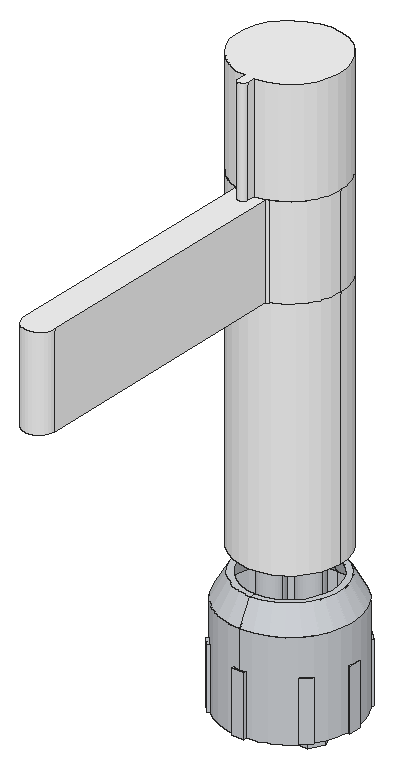
Revit family "Reece_Tap_Milli_Axon_Basin Mixer", category Plumbing Fixtures, host Face, Revit 2018
Family settings
  Host = Face
  Round Connector Dimension = Use Diameter
  Part Type = Normal
  Cut with Voids When Loaded = No
  Shared = Yes
  Room Calculation Point = Yes
Parameters
  WFU = 0  # constant formula
  URL = "https://www.reece.com.au/product/-2252061"
  Type Comments = "Tap"
  Reece_Tap_Reach = 120 mm  # constant formula
  Reece_Tap_Inlet = 12 mm  # constant formula
  Reece_Tap_Clearance = 100 mm  # constant formula
  Reece_Product_Web Page = "https://www.reece.com.au/product/-2252061"
  Reece_Product_Type = "Tap"  # constant formula
  Reece_Product_Sub Brand = "Axon"  # constant formula
  Reece_Product_Number = "2252061"
  Reece_Product_Mount = "Hob Mounted"
  Reece_Product_Description = "Milli Axon Basin Mixer Tap Chrome (6 Star)"
  Reece_Product_Brand = "Milli"  # constant formula
  Reece_Overall_Projection = 156 mm  # constant formula
  Reece_Overall_Height = 181 mm  # constant formula
  Reece_Material_Secondary = Reece_Brass_Chrome
  Reece_Material-Main = Reece_Brass_Chrome
  Reece_Detail_Installation = ""
  Reece_Detail_Disclaimer = "THIS FILE IS THE PROPERTY OF THE REECE GROUP. IT MAY NOT BE REPRODUCED, REVERSE-ENGINEERED OR MODIFIED. ANY REPUBLICATION, TRANSMISSION OR DISTRIBUTION FOR THE PURPOSE OF COMMERCIALLY EXPLOITING THE FILES IS PROHIBITED."  # constant formula
  Reece_Detail_Connector = ""
  Reece_Detail_Additional = ""
  Model = "Axon"
  Matte Black_Chrome = no
  Manufacturer = "Milli"
  Keynote = "Product #2252061, Reece_Tap_Milli_Axon_Basin Mixer -  "
  HWFU = 0  # constant formula
  Disclaimer = "THIS FILE IS THE PROPERTY OF THE REECE GROUP. IT MAY NOT BE REPRODUCED, REVERSE-ENGINEERED OR MODIFIED. ANY REPUBLICATION, TRANSMISSION OR DISTRIBUTION FOR THE PURPOSE OF COMMERCIALLY EXPLOITING THE FILES IS PROHIBITED."  # constant formula
  Description = "Milli Axon Basin Mixer Tap Chrome (6 Star)"
  Default Elevation = 1000 mm
  Chrome = not(Matte Black_Chrome)  # yes
  CWFU = 0  # constant formula
Types (3, lengths in mm): name | URL | Reece_Product_Web Page | Reece_Product_Number | Reece_Product_Description | Reece_Material_Secondary | Reece_Detail_Additional | Matte Black_Chrome | Keynote | Description | Chrome
  (no name) | "https://www.reece.com.au/product/-2252061" | "https://www.reece.com.au/product/-2252061" | "2252061" | "Milli Axon Basin Mixer Tap Chrome (6 Star)" | Reece_Brass_Chrome | "" | no | "Product #2252061, Reece_Tap_Milli_Axon_Basin Mixer -  " | "Milli Axon Basin Mixer Tap Chrome (6 Star)" | yes
  Chrome | "https://www.reece.com.au/product/-2252061" | "https://www.reece.com.au/product/-2252061" | "2252061" | "Milli Axon Basin Mixer Tap Chrome (6 Star)" | Reece_Brass_Chrome | "" | no | "Product #2252061, Reece_Tap_Milli_Axon_Basin Mixer - Chrome" | "Milli Axon Basin Mixer Tap Chrome (6 Star)" | yes
  Matte Black_Chrome | "https://www.reece.com.au/product/-2252062" | "https://www.reece.com.au/product/-2252062" | "2252062" | "Milli Axon Basin Mixer Tap Black Outlet Chrome / Matte Black (6 Star)" | Reece_Brass_Matte Black | "Black Outlet" | yes | "Product #2252062, Reece_Tap_Milli_Axon_Basin Mixer - Matte Black_Chrome" | "Milli Axon Basin Mixer Tap Black Outlet Chrome / Matte Black (6 Star)" | no
Reference planes
  plane 1 "Center (Front/Back)": y = 0
  plane 2 "Bottom": z = 0
  plane 3 "Center (Left/Right)": x = 0
  plane 4: z = 181
  plane 5: z = 137.777
  plane 6: z = 100
  plane 7: y = -135
  plane 8: y = -135
  plane 9: y = -26
  plane 10: y = -20.905
  plane 11: y = 21
  plane 12: y = -120
  plane 13: x = -21
  plane 14: x = 21
Forms (mm)
  Extrusion 1, solid, material "Reece_Brass_Chrome" <- "Reece_Material-Main"
    sketch origin (0, 0, 0) x (1, 0, 0) y (0, 1, 0)
      loop
        circle (0, 0) r 21
    from 0 to 100
  Extrusion 2, solid, material "Reece_Brass_Chrome" <- "Reece_Material_Secondary"
    sketch origin (0, 0, 0) x (1, 0, 0) y (0, 1, 0)
      loop
        circle (0, 0) r 21
    from 137.777 to 100
  Extrusion 3, solid, material "Reece_Brass_Chrome" <- "Reece_Material_Secondary"
    sketch origin (0, 0, 0) x (1, 0, 0) y (0, 1, 0)
      loop
        arc (-6.311, -128.684) -> (0.023, -135.018) -> (6.357, -128.684) r 6.334
        line (6.357, -128.684) -> (6.357, -20.734)
        arc (6.357, -20.734) -> (6.54, -20.157) -> (7.022, -19.791) r 1
        arc (7.022, -19.791) -> (0.023, -21) -> (-6.979, -19.806) r 21
        arc (-6.979, -19.806) -> (-6.495, -20.172) -> (-6.311, -20.75) r 1
        line (-6.311, -20.75) -> (-6.311, -128.684)
    from 100 to 137.777
  Sweep 4, solid, material "Reece_Brass_Chrome" <- "Reece_Material_Secondary"
    path origin (0, 0.412, 102.239) x (1, 0, 0) y (0, 1, 0)
      loop
        arc (-4, -126.492) -> (0, -130.492) -> (4, -126.492) r 4
        line (4, -126.492) -> (4, -107.249)
        arc (4, -107.249) -> (0, -103.249) -> (-4, -107.249) r 4
        line (-4, -107.249) -> (-4, -126.492)
    profile origin (0, -130.08, 102.239) x (0, 1, 0) y (0, 0, 1)
      loop
        line (0, 0) -> (0, -2.628) -> (1.162, -2.628) -> (1.162, 0) -> (0, 0)
  Extrusion 5, solid, material "Reece_Brass_Chrome" <- "Reece_Material_Secondary"
    sketch origin (0, 0, 0) x (1, 0, 0) y (0, 1, 0)
      loop
        arc (-2, -125.271) -> (0, -127.271) -> (2, -125.271) r 2
        line (2, -125.271) -> (2, -113.387)
        arc (2, -113.387) -> (0, -111.387) -> (-2, -113.387) r 2
        line (-2, -113.387) -> (-2, -125.271)
      loop
        circle (0, -107.49) r 1.8
    from 99.61 to 106.674
  Extrusion 6, void
    sketch origin (0, 0, 0) x (1, 0, 0) y (0, 1, 0)
      loop
        circle (0, 0) r 15
    from -41.992 to 21.904
  Extrusion 7, solid
    sketch origin (0, 0, 0) x (1, 0, 0) y (0, 1, 0)
      loop
        circle (-7.802, 0.037) r 5
      loop
        circle (8.558, 0.037) r 5
    from -64.353 to 0
  Extrusion 8, solid
    sketch origin (0, 0, 0) x (1, 0, 0) y (0, 1, 0)
      loop
        line (-1.615, 0.044) -> (-4.783, 5.532) -> (-11.12, 5.532) -> (-14.288, 0.044) -> (-11.12, -5.443) -> (-4.783, -5.443) -> (-1.615, 0.044)
      loop
        line (14.759, 0.044) -> (11.591, 5.532) -> (5.255, 5.532) -> (2.087, 0.044) -> (5.255, -5.443) -> (11.591, -5.443) -> (14.759, 0.044)
    from -68.948 to -61.449
  Revolve 9, solid
    sketch origin (0, 0, 0) x (0, 1, 0) y (0, 0, 1)
      loop
        line (-24, -59.419) -> (-24, -20.536) -> (-18.18, -10.455) -> (-20.489, -10.455) -> (-26, -20) -> (-26, -59.419) -> (-24, -59.419)
      axis (0, -10.455) -> (0, -59.419)
    angle from 0 to 360
  Extrusion 10, solid
    sketch origin (2.399, -51.324, 0) x (-0.00336, -0.999994, 0) y (0.999994, -0.00336, 0)
      loop
        line (-26.24, 0) -> (-26.24, -5) -> (-24.422, -5) -> (-24.422, 0) -> (-26.24, 0)
      loop
        line (-36.067, 19.582) -> (-37.348, 18.292) -> (-33.8, 14.769) -> (-32.519, 16.058) -> (-36.067, 19.582)
      loop
        line (-53.905, 24.154) -> (-53.899, 22.336) -> (-48.899, 22.353) -> (-48.905, 24.17) -> (-53.905, 24.154)
      loop
        line (-71.165, 15.261) -> (-69.876, 13.98) -> (-66.352, 17.527) -> (-67.642, 18.808) -> (-71.165, 15.261)
      loop
        line (-78.216, -5.161) -> (-76.398, -5.155) -> (-76.415, -0.155) -> (-78.233, -0.161) -> (-78.216, -5.161)
      loop
        line (-68.647, -22.917) -> (-67.367, -21.628) -> (-70.914, -18.104) -> (-72.195, -19.394) -> (-68.647, -22.917)
      loop
        line (-48.725, -29.472) -> (-48.731, -27.655) -> (-53.731, -27.671) -> (-53.725, -29.489) -> (-48.725, -29.472)
      loop
        line (-31.279, -20.547) -> (-32.568, -19.266) -> (-36.092, -22.814) -> (-34.802, -24.095) -> (-31.279, -20.547)
    from -59.419 to -35
  Extrusion 11, solid, material "Reece_Brass_Chrome" <- "Reece_Material_Secondary", visible <- "Matte Black_Chrome"
    sketch origin (0, 0, 181) x (-1, 0, 0) y (0, -1, 0)
      loop
        arc (2, 24) -> (0, 26) -> (-2, 24) r 2
        line (-2, 24) -> (-2, 17.809)
        arc (-2, 17.809) -> (0, 15.809) -> (2, 17.809) r 2
        line (2, 17.809) -> (2, 24)
    from 0 to -43.223
  Extrusion 12, solid, material "Reece_Brass_Chrome" <- "Reece_Material-Main", visible <- "Matte Black_Chrome"
    sketch origin (0, 0, 0) x (-1, 0, 0) y (0, -1, 0)
      loop
        arc (-2, 20.905) -> (0, -21) -> (2, 20.905) r 21
        line (2, 20.905) -> (2, 17.809)
        arc (2, 17.809) -> (0, 15.809) -> (-2, 17.809) r 2
        line (-2, 17.809) -> (-2, 20.905)
    from 137.777 to 181
  Extrusion 13, solid, material "Reece_Brass_Chrome" <- "Reece_Material-Main", visible <- "Matte Black_Chrome"
    sketch origin (0, 0, 0) x (-1, 0, 0) y (0, -1, 0)
      loop
        arc (-2, 20.905) -> (0, -21) -> (2, 20.905) r 21
        line (2, 20.905) -> (2, 17.809)
        arc (2, 17.809) -> (0, 15.809) -> (-2, 17.809) r 2
        line (-2, 17.809) -> (-2, 20.905)
    from 137.777 to 181
  Extrusion 14, solid, material "Reece_Brass_Chrome" <- "Reece_Material-Main", visible <- "Chrome"
    sketch origin (0, 0, 0) x (-1, 0, 0) y (0, -1, 0)
      loop
        arc (-2, 20.905) -> (0, -21) -> (2, 20.905) r 21
        line (2, 20.905) -> (2, 24)
        arc (2, 24) -> (0, 26) -> (-2, 24) r 2
        line (-2, 24) -> (-2, 20.905)
    from 137.777 to 181
  Extrusion 15, solid
    sketch origin (0, 0, 0) x (0, -1, 0) y (1, 0, 0)
      loop
        circle (-0.037, -7.802) r 5
      loop
        circle (-0.037, 8.558) r 5
    from -64.353 to 0
  Extrusion 16, void
    sketch origin (0, 0, 0) x (0, -1, 0) y (1, 0, 0)
      loop
        circle (-0.037, -7.802) r 5
      loop
        circle (-0.037, 8.558) r 5
    from 5 to 0
Cuts and joins
  joined: Extrusion 2, Extrusion 3, Sweep 4, Extrusion 5
  joined: Revolve 9, Extrusion 10
  Extrusion 16 cuts Extrusion 1
Lines and regions (mm)
  model lines
    curve 1: line (0, -21, 100) -> (0, -21, 137.777)
Text (mm)
  text "Reece Copyright © 2018, Reece Ltd." at (-378.974, -266.505, 0), in view "Ref. Level"
  text "Reece ©" at (44.384, 258.95, 192.345), in view "Reece Preview"
Dimensions and locks
  "Reece_Overall_Height": plane 4 to plane 2 "Bottom"
  plane 9 to plane 1 "Center (Front/Back)" = 26 mm
  "Reece_Tap_Reach": plane 12 to plane 1 "Center (Front/Back)"
  "Reece_Tap_Clearance": plane 6 to plane 2 "Bottom"
  "Reece_Overall_Projection": plane 7 to plane 11
  "Reece_Overall_Projection": plane 8 to plane 11
  "Reece_Overall_Height": plane 2 "Bottom" to Extrusion 12
  aligned and locked: plane 2 "Bottom" to host face
  aligned and locked: level to host face
Automatic sketch dimensions
  curve 1 to plane 5 = 0 mm
  curve 1 to plane 6 = 0 mm
  plane 10 to curve 1 = 0.095 mm
  host sketch curve to host sketch curve = 380.785 mm
  host sketch curve to host sketch curve = 317.421 mm
  plane 1 "Center (Front/Back)" to Extrusion 1 sketch curve = 0 mm
  Extrusion 1 sketch curve to plane 3 "Center (Left/Right)" = 0 mm
  plane 1 "Center (Front/Back)" to Extrusion 2 sketch curve = 0 mm
  Extrusion 2 sketch curve to plane 3 "Center (Left/Right)" = 0 mm
  plane 1 "Center (Front/Back)" to Extrusion 3 sketch curve = 0 mm
  Extrusion 3 sketch curve to plane 3 "Center (Left/Right)" = 0 mm
  Extrusion 3 sketch curve to plane 3 "Center (Left/Right)" = 6.311 mm
  Extrusion 3 sketch curve to plane 10 = 0.155 mm
  Extrusion 3 sketch curve to Extrusion 3 sketch curve = 1 mm  (x2)
  plane 3 "Center (Left/Right)" to Extrusion 3 sketch curve = 0.023 mm
  Extrusion 3 sketch curve to plane 10 = 0.171 mm
  Extrusion 3 sketch curve to plane 7 = 6.316 mm
  Extrusion 3 sketch curve to Extrusion 3 sketch curve = 0.332 mm
  Extrusion 3 sketch curve to Extrusion 3 sketch curve = 0 mm  (x3)
  Extrusion 3 sketch curve to Extrusion 3 sketch curve = 0.334 mm
  Sweep 4 sketch curve to plane 3 "Center (Left/Right)" = 0 mm
  Sweep 4 sketch curve to Sweep 4 sketch curve = 4 mm
  Sweep 4 sketch curve to plane 12 = 6.08 mm
  plane 12 to Sweep 4 sketch curve = 13.163 mm
  Sweep 4 sketch curve to profile plane = 0 mm  (x2)
  Sweep 4 sketch curve to profile plane = 1.162 mm
  Sweep 4 sketch curve to profile plane = 2.628 mm
  Extrusion 5 sketch curve to plane 3 "Center (Left/Right)" = 0 mm  (x2)
  Extrusion 5 sketch curve to Extrusion 5 sketch curve = 2 mm
  Extrusion 5 sketch curve to plane 12 = 5.271 mm
  plane 12 to Extrusion 5 sketch curve = 6.613 mm
  Extrusion 5 sketch curve to Extrusion 5 sketch curve = 5.897 mm
  plane 1 "Center (Front/Back)" to Extrusion 6 sketch curve = 0 mm
  Extrusion 6 sketch curve to plane 3 "Center (Left/Right)" = 0 mm
  Extrusion 7 sketch curve to plane 1 "Center (Front/Back)" = 0.037 mm  (x2)
  Extrusion 7 sketch curve to plane 3 "Center (Left/Right)" = 7.802 mm
  plane 3 "Center (Left/Right)" to Extrusion 7 sketch curve = 8.558 mm
  Extrusion 8 sketch curve to plane 1 "Center (Front/Back)" = 0.044 mm  (x4)
  plane 13 to Extrusion 8 sketch curve = 6.712 mm
  Extrusion 8 sketch curve to Extrusion 8 sketch curve = 3.168 mm  (x2)
  Extrusion 8 sketch curve to plane 3 "Center (Left/Right)" = 4.783 mm  (x2)
  Extrusion 8 sketch curve to plane 3 "Center (Left/Right)" = 1.615 mm
  plane 3 "Center (Left/Right)" to Extrusion 8 sketch curve = 2.087 mm
  plane 3 "Center (Left/Right)" to Extrusion 8 sketch curve = 5.255 mm  (x2)
  Extrusion 8 sketch curve to Extrusion 8 sketch curve = 6.336 mm  (x2)
  Extrusion 8 sketch curve to plane 14 = 6.241 mm
  plane 1 "Center (Front/Back)" to Extrusion 8 sketch curve = 5.443 mm  (x2)
  Extrusion 8 sketch curve to plane 1 "Center (Front/Back)" = 5.532 mm  (x2)
  Revolve 9 sketch curve to plane 9 = 0 mm
  Revolve 9 sketch curve to plane 1 "Center (Front/Back)" = 0 mm
  plane 9 to Revolve 9 sketch curve = 2 mm
  Revolve 9 sketch curve to plane 10 = 0.415 mm
  Revolve 9 sketch curve to Revolve 9 sketch curve = 2.309 mm
  Revolve 9 sketch curve to level = 59.419 mm
  Revolve 9 sketch curve to level = 20.536 mm
  Revolve 9 sketch curve to Revolve 9 sketch curve = 0.536 mm
  Revolve 9 sketch curve to level = 10.455 mm
  Revolve 9 sketch curve to Revolve 9 sketch curve = 9.419 mm
  Revolve 9 sketch curve to level = 10 mm
  Extrusion 10 sketch curve to plane 11 = 5.909 mm
  plane 3 "Center (Left/Right)" to Extrusion 10 sketch curve = 2.5 mm
  Extrusion 10 sketch curve to Extrusion 10 sketch curve = 0.017 mm  (x3)
  Extrusion 10 sketch curve to Extrusion 10 sketch curve = 1.818 mm  (x2)
  Extrusion 10 sketch curve to Extrusion 10 sketch curve = 4.203 mm
  Extrusion 10 sketch curve to Extrusion 10 sketch curve = 5.25 mm
  Extrusion 10 sketch curve to Extrusion 10 sketch curve = 1.281 mm  (x4)
  Extrusion 10 sketch curve to Extrusion 10 sketch curve = 1.29 mm  (x4)
  Extrusion 10 sketch curve to Extrusion 10 sketch curve = 3.547 mm  (x2)
  Extrusion 10 sketch curve to Extrusion 10 sketch curve = 3.524 mm  (x2)
  Extrusion 10 sketch curve to Extrusion 10 sketch curve = 12.447 mm
  Extrusion 10 sketch curve to Extrusion 10 sketch curve = 0.006 mm  (x2)
  Extrusion 10 sketch curve to Extrusion 10 sketch curve = 13.635 mm
  Extrusion 10 sketch curve to Extrusion 10 sketch curve = 5 mm  (x3)
  Extrusion 10 sketch curve to Extrusion 10 sketch curve = 11.552 mm
  Extrusion 10 sketch curve to Extrusion 10 sketch curve = 12.639 mm
  Extrusion 10 sketch curve to Extrusion 10 sketch curve = 6.328 mm
  Extrusion 10 sketch curve to Extrusion 10 sketch curve = 4.839 mm
  Extrusion 10 sketch curve to Extrusion 10 sketch curve = 4.994 mm
  Extrusion 10 sketch curve to Extrusion 10 sketch curve = 12.949 mm
  Extrusion 10 sketch curve to Extrusion 10 sketch curve = 14.266 mm
  Extrusion 10 sketch curve to Extrusion 10 sketch curve = 4.841 mm
  Extrusion 10 sketch curve to Extrusion 10 sketch curve = 14.135 mm
  Extrusion 10 sketch curve to Extrusion 10 sketch curve = 14.769 mm
  Extrusion 10 sketch curve to Extrusion 10 sketch curve = 4.809 mm
  Extrusion 11 sketch curve to plane 3 "Center (Left/Right)" = 0 mm
  plane 3 "Center (Left/Right)" to Extrusion 11 sketch curve = 2 mm
  Extrusion 11 sketch curve to plane 10 = 3.095 mm
  plane 9 to Extrusion 11 sketch curve = 2 mm
  plane 10 to Extrusion 12 sketch curve = 0 mm
  Extrusion 12 sketch curve to plane 3 "Center (Left/Right)" = 0 mm  (x2)
  plane 1 "Center (Front/Back)" to Extrusion 12 sketch curve = 0 mm
  plane 3 "Center (Left/Right)" to Extrusion 12 sketch curve = 2 mm
  Extrusion 12 sketch curve to plane 10 = 3.095 mm
  plane 10 to Extrusion 13 sketch curve = 0 mm
  Extrusion 13 sketch curve to plane 3 "Center (Left/Right)" = 0 mm  (x2)
  plane 1 "Center (Front/Back)" to Extrusion 13 sketch curve = 0 mm
  plane 3 "Center (Left/Right)" to Extrusion 13 sketch curve = 2 mm
  Extrusion 13 sketch curve to plane 10 = 3.095 mm
  plane 10 to Extrusion 14 sketch curve = 0 mm
  Extrusion 14 sketch curve to plane 3 "Center (Left/Right)" = 0 mm  (x2)
  plane 1 "Center (Front/Back)" to Extrusion 14 sketch curve = 0 mm
  plane 3 "Center (Left/Right)" to Extrusion 14 sketch curve = 2 mm
  plane 9 to Extrusion 14 sketch curve = 2 mm
  Extrusion 15 sketch curve to plane 1 "Center (Front/Back)" = 0.037 mm  (x2)
  Extrusion 15 sketch curve to plane 3 "Center (Left/Right)" = 7.802 mm
  plane 3 "Center (Left/Right)" to Extrusion 15 sketch curve = 8.558 mm
  Extrusion 16 sketch curve to plane 1 "Center (Front/Back)" = 0.037 mm  (x2)
  Extrusion 16 sketch curve to plane 3 "Center (Left/Right)" = 7.802 mm
  plane 3 "Center (Left/Right)" to Extrusion 16 sketch curve = 8.558 mm
  radius of Extrusion 1 sketch curve = 21 mm
  radius of Extrusion 2 sketch curve = 21 mm
  radius of Extrusion 5 sketch curve = 1.8 mm
  radius of Extrusion 6 sketch curve = 15 mm
  radius of Extrusion 7 sketch curve = 5 mm  (x2)
  radius of Extrusion 15 sketch curve = 5 mm  (x2)
  radius of Extrusion 16 sketch curve = 5 mm  (x2)
Connectors
  piping at (-7.802, 0.037, 5), diameter 12, driven by "Reece_Tap_Inlet"
    settings: on cut or joined group of Extrusion 1, Extrusion 16, index 1, connector inside diameter 609.6 mm, connector length 0 mm, flow factor 0, pipe flow 0.0 L/s, pressure drop 0.0 Pa, fitting loss kfactor 0, connector angle 0.00°, fixture units 0, engagement length 0 mm, angle of deflection 0.00°, flow configuration 0, flow direction 1, fitting loss method 0, system type 29, joint type 0, gender type 0, connector reference index -1, connector utility 0, adjustable connector no, is connector primary yes, connector description ""
  piping at (8.558, 0.037, 5), diameter 12, driven by "Reece_Tap_Inlet"
    settings: on cut or joined group of Extrusion 1, Extrusion 16, index 2, connector inside diameter 609.6 mm, connector length 0 mm, flow factor 0, pipe flow 0.0 L/s, pressure drop 0.0 Pa, fitting loss kfactor 0, connector angle 0.00°, fixture units 0, engagement length 0 mm, angle of deflection 0.00°, flow configuration 0, flow direction 1, fitting loss method 0, system type 29, joint type 0, gender type 0, connector reference index -1, connector utility 0, adjustable connector no, is connector primary no, connector description ""
